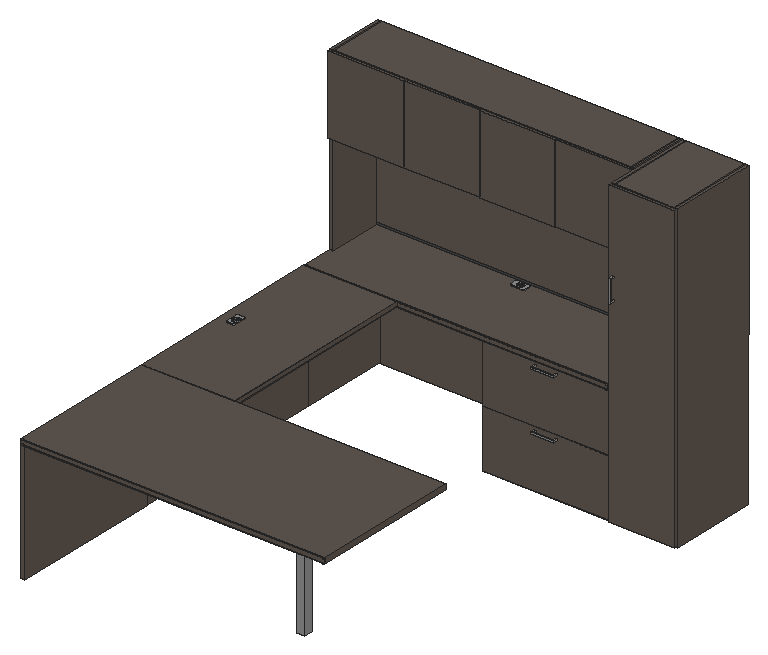
Revit family "T100055", category Generic Models, Revit 2018
Family settings
  Can host rebar = No
  Round Connector Dimension = Use Diameter
  Part Type = Normal
  Work Plane-Based = No
  Always vertical = Yes
  Cut with Voids When Loaded = No
  Shared = No
  Room Calculation Point = No
Reference planes (in)
  plane 1 "Center (Front/Back)": y = 0
  plane 2: z = 0
  plane 3 "Center (Left/Right)": x = 0
Dimensions and locks (in)
  aligned and locked: plane 2 to level
Nested families (in)
  nested 1: "FIRST OFFICE-PULSE_TOPS_RECTANGULAR_MCT" at (11, 32.30429, 0), type "PULSE_TOP_RECTANGULAR_4-7236MCT"
    with TOP D SIZE yes, THICKNESS 0' - 1.188"
  nested 2: "FIRST OFFICE-PULSE_BRIDGES_W-HINGED_MODESTY" at (-11, 69, 0) x (0, 1, 0) z (0, 0, 1), type "PULSE_BRIDGE_STRAIGHT_4-2248BR"
    with TOP D SIZE yes, THICKNESS 0' - 1.188", CENTER GROMMET yes
  nested 3: "FIRST OFFICE-PULSE_CREDENZA_LATERAL_FILE_RIGHT" at (11, 108, 0), type "PULSE_CREDENZA_LATERAL_FILE_RIGHT_4-7222CRRL"
    with TOP D SIZE yes, THICKNESS 0' - 1.188", CENTER GROMMET yes
  nested 4: "FIRST OFFICE-PULSE_MODESTY_PANELS_SILVER_FRAME_TMPG" at (1.563, 27, 0), type "PULSE-MODESTY-PANEL-SILVER-FRAME_4-1252TMPG"
  nested 5: "FIRST OFFICE-PULSE_STORAGE_HIGHBACK_ORGANZR_W-DOORS" at (11, 114.7, 0), type "PULSE-HIGHBACK-ORGANIZER_4-7243HD4-2"
  nested 6: "FIRST OFFICE-PULSE_STORAGE_WARDROBE_SINGLE_DOOR" at (55, 114.7, 0), type "PULSE-STORAGE-WARDROBE_4-7216RSW"
  nested 7: "FIRST OFFICE-PULSE_SUPPORT_BASES_CB4-L2S" at (28.063, 23.625, 0), type "IMPULSE-G2_SUPPORT_BASE_MTL_SQR_5-L2S"
  nested 8: "FIRST OFFICE-PULSE_SUPPORT_END_PANELS" at (-24.1865, 24, 0), type "PULSE_SUPPORT_END_PANEL_4-2936TEP"
  nested 9: "FIRST OFFICE-PULSE_TACKBOARDS_FOR_HIGHBACK_ORGNZRS" at (12.19453, 108.19965, 0), type "PULSE_TACKBOARD_FOR HIGHBACK_FT1087"
Definition of nested family "FIRST OFFICE-PULSE_TOPS_RECTANGULAR_MCT"
  Parameters (values of type "PULSE_TOP_RECTANGULAR_4-6630MCT")
    URL = "http://www.firstoffice.com/products/casegoods/pulse"
    TOP DEPTH = 2' - 6"
    TOP D SIZE [instance] = yes
    THICKNESS [instance] = if(TOP D SIZE, 0' 1.188", 0' 1.563")  # 0' - 1.188"
    ENVIRONMENTAL = "http://www.firstoffice.com/information/environment"
    TOP WIDTH = 5' - 6"
    TOP CORE = none
    Manufacturer = "FIRST OFFICE-PULSE"
    MODEL NUMBER = "4-6630MCT"
    MANUFACTURERS' CODE = "FOF"
    EDGE SHAPE = none
    Description = "PULSE RECTANGULAR TOP 66X30"
    CATALOG CODE = "FOF"
  Types (9): name | TOP DEPTH | TOP WIDTH | MODEL NUMBER | Description
    (no name) | 2' - 6" | 5' - 6" | "4-6630MCT" | "PULSE RECTANGULAR TOP 66X30"
    PULSE_TOP_RECTANGULAR_4-6630MCT | 2' - 6" | 5' - 6" | "4-6630MCT" | "PULSE RECTANGULAR TOP 66X30"
    PULSE_TOP_RECTANGULAR_4-7230MCT | 2' - 6" | 6' - 0" | "4-7230MCT" | "PULSE RECTANGULAR TOP 72X30"
    PULSE_TOP_RECTANGULAR_4-7830MCT | 2' - 6" | 6' - 6" | "4-7830MCT" | "PULSE RECTANGULAR TOP 78X30"
    PULSE_TOP_RECTANGULAR_4-8430MCT | 2' - 6" | 7' - 0" | "4-8430MCT" | "PULSE RECTANGULAR TOP 84X30"
    PULSE_TOP_RECTANGULAR_4-6636MCT | 3' - 0" | 5' - 6" | "4-6636MCT" | "PULSE RECTANGULAR TOP 66X36"
    PULSE_TOP_RECTANGULAR_4-7236MCT | 3' - 0" | 6' - 0" | "4-7236MCT" | "PULSE RECTANGULAR TOP 72X36"
    PULSE_TOP_RECTANGULAR_4-7836MCT | 3' - 0" | 6' - 6" | "4-7836MCT" | "PULSE RECTANGULAR TOP 78X36"
    PULSE_TOP_RECTANGULAR_4-8436MCT | 3' - 0" | 7' - 0" | "4-8436MCT" | "PULSE RECTANGULAR TOP 84X36"
  Reference planes (in)
    plane 1 "Center Front/Back": y = -2.30429
    plane 2: z = 0
    plane 3 "Center Left/Right": x = 0
    plane 4 "LEFT": x = -33
    plane 5 "RIGHT": x = 33
    plane 6 "TOP TOP": z = 30
    plane 7 "TOP BOTTOM": z = 28.812
    plane 8: y = 12.69571
    plane 9: y = -17.30429
    plane 10: y = -17.17929
  Forms (in)
    Extrusion 1, solid, material <- "TOP CORE"
      sketch origin (0, 0, 30) x (0, 1, 0) y (-1, 0, 0)
        loop
          line (12.69571, 33) -> (-17.17929, 33) -> (-17.17929, -33) -> (12.69571, -33) -> (12.69571, 33)
      from -1.188 to 0
    Extrusion 2, solid, material <- "EDGE SHAPE"
      sketch origin (0, 10.4375, 0) x (0, 1, 0) y (0, 0, 1)
        loop
          line (-27.61679, 28.812) -> (-27.61679, 30)
          arc (-27.61679, 30) -> (-27.70518, 29.96339) -> (-27.74179, 29.875) r 0.125
          line (-27.74179, 29.875) -> (-27.74179, 28.937)
          arc (-27.74179, 28.937) -> (-27.70518, 28.84861) -> (-27.61679, 28.812) r 0.125
      from -33 to 33
  Lines and regions (in)
    Masking region 1
      outline origin (0, 0, 0) x (1, 0, 0) y (0, 1, 0)
        loop
          line (-33, 12.69571) -> (-33, -17.30429) -> (33, -17.30429) -> (33, 12.69571) -> (-33, 12.69571)
  Dimensions and locks (in)
    equal spacing: plane 4 "LEFT", plane 3 "Center Left/Right", plane 5 "RIGHT"
    "TOP WIDTH": plane 4 "LEFT" to plane 5 "RIGHT"
    "TOP DEPTH": plane 9 to plane 8
    equal spacing: plane 9, plane 1 "Center Front/Back", plane 8
    "THICKNESS": plane 6 "TOP TOP" to plane 7 "TOP BOTTOM"
    locked: plane 9 to plane 10 at 0.125
    plane 7 "TOP BOTTOM" to plane 2 = 2' - 4.812"
    aligned: Extrusion 1 to plane 7 "TOP BOTTOM"
    aligned: plane 6 "TOP TOP" to Extrusion 1
    aligned and locked: Extrusion 2 to plane 4 "LEFT"
    aligned and locked: plane 5 "RIGHT" to Extrusion 2
    aligned and locked: plane 8 to Extrusion 1 sketch curve
    aligned and locked: Extrusion 2 sketch curve to plane 9
    aligned and locked: plane 10 to Extrusion 2 sketch curve
    aligned and locked: plane 10 to Extrusion 1 sketch curve
    aligned and locked: plane 6 "TOP TOP" to Extrusion 2 sketch curve
    aligned and locked: plane 7 "TOP BOTTOM" to Extrusion 2 sketch curve
    aligned and locked: Extrusion 1 to plane 7 "TOP BOTTOM"
  Automatic sketch dimensions
    Extrusion 1 sketch curve to plane 4 "LEFT" = 0' - 0"
    Extrusion 1 sketch curve to plane 5 "RIGHT" = 0' - 0"
    Masking region 1 sketch curve to plane 4 "LEFT" = 0' - 0"
    Masking region 1 sketch curve to plane 5 "RIGHT" = 0' - 0"
    plane 9 to Masking region 1 sketch curve = 0' - 0"
    plane 8 to Masking region 1 sketch curve = 0' - 0"
Definition of nested family "FIRST OFFICE-PULSE_BRIDGES_W-HINGED_MODESTY"
  Parameters (values of type "PULSE_BRIDGE_STRAIGHT_4-2248BR")
    TOP D SIZE [instance] = yes
    THICKNESS [instance] = if(TOP D SIZE, 0' 1.188", 0' 1.563")  # 0' - 1.188"
    URL = "http://www.firstoffice.com/products/casegoods/pulse"
    CENTER GROMMET [instance] = yes
    ENVIRONMENTAL = "http://www.firstoffice.com/information/environment"
    BRIDGE WIDTH = 4' - 0"
    TOP CORE = none
    Manufacturer = "FIRST OFFICE-PULSE"
    MODEL NUMBER = "4-2248BR"
    MANUFACTURERS' CODE = "FOF"
    EDGE SHAPE = none
    Description = "PULSE STRAIGHT BRIDGE 22X48"
    BACK PANEL = none
    CATALOG CODE = "FOF"
  Types (3): name | BRIDGE WIDTH | MODEL NUMBER | Description
    (no name) | 4' - 0" | "4-2248BR" | "PULSE STRAIGHT BRIDGE 22X48"
    PULSE_BRIDGE_STRAIGHT_4-2242BR | 3' - 6" | "4-2242BR" | "PULSE STRAIGHT BRIDGE 22X42"
    PULSE_BRIDGE_STRAIGHT_4-2248BR | 4' - 0" | "4-2248BR" | "PULSE STRAIGHT BRIDGE 22X48"
  Reference planes (in)
    plane 1 "Center Front/Back": y = 3
    plane 2: z = 0
    plane 3 "Center Left/Right": x = 0
    plane 4 "BRIDGE TOP": z = 30
    plane 5 "UNDERSURF": z = 28.812
    plane 6 "BACK PNL BOTTOM": z = 0.5
    plane 7 "BACK PNL TOP": z = 28.687
    plane 8: x = -24
    plane 9: x = 24
    plane 10 "FRONT": y = -8
    plane 11 "BACK": y = 14
    plane 12: y = -7.875
    plane 13: y = 13
    plane 14: z = 30.07
  Forms (in)
    Extrusion 1, solid, material <- "BACK PANEL"
      sketch origin (0, 12, 0) x (-1, 0, 0) y (0, 0, 1)
        loop
          line (-24, 28.687) -> (-24, 0.5) -> (24, 0.5) -> (24, 28.687) -> (-24, 28.687)
      from 1 to 2
    Extrusion 2, solid, material <- "TOP CORE"
      sketch origin (0, 0, 30) x (0, 1, 0) y (-1, 0, 0)
        loop
          line (14, 24) -> (-7.875, 24) -> (-7.875, -24) -> (14, -24) -> (14, 24)
      from -1.188 to 0
    Extrusion 3, solid, material <- "EDGE SHAPE"
      sketch origin (0, 6.25, 0) x (0, 1, 0) y (0, 0, 1)
        loop
          line (-14.125, 28.812) -> (-14.125, 30)
          arc (-14.125, 30) -> (-14.21339, 29.96339) -> (-14.25, 29.875) r 0.125
          line (-14.25, 29.875) -> (-14.25, 28.937)
          arc (-14.25, 28.937) -> (-14.21339, 28.84861) -> (-14.125, 28.812) r 0.125
      from -24 to 24
    Extrusion 4, solid
      sketch origin (0, 0, 28.687) x (0, 1, 0) y (-1, 0, 0)
        loop
          line (13, 24) -> (13, -24) -> (13.875, -24) -> (13.875, 24) -> (13, 24)
      from 0 to 0.125
    Extrusion 5, void
      sketch origin (0, 0, 28.812) x (0, 1, 0) y (-1, 0, 0)
        loop
          line (11.5, 0.7815) -> (10.5, 0.7815) -> (10.5, -0.7815) -> (11.5, -0.7815) -> (11.5, 0.7815)
      from 0 to 1.188
    Extrusion 6, solid, visible <- "CENTER GROMMET"
      sketch origin (0, 0, 29.972) x (0, 1, 0) y (-1, 0, 0)
        loop
          arc (12, 1.25) -> (11.87186, 1.55936) -> (11.5625, 1.6875) r 0.4375
          line (11.5625, 1.6875) -> (10.4375, 1.6875)
          arc (10.4375, 1.6875) -> (10.12814, 1.55936) -> (10, 1.25) r 0.4375
          line (10, 1.25) -> (10, 0) -> (10.62004, 0) -> (10.62004, 0.4375)
          arc (10.62004, 0.4375) -> (10.69471, 0.61779) -> (10.875, 0.69246) r 0.25496
          line (10.875, 0.69246) -> (11.125, 0.69246)
          arc (11.125, 0.69246) -> (11.30529, 0.61779) -> (11.37996, 0.4375) r 0.25496
          line (11.37996, 0.4375) -> (11.37996, 0) -> (12, 0) -> (12, 1.25)
      from 0.028 to 0.098
    Sweep 7, void
      path origin (0, 0, 30) x (0, 1, 0) y (-1, 0, 0)
        loop
          line (11.37996, 0) -> (11.37996, 0.4375)
          arc (11.37996, 0.4375) -> (11.30529, 0.61779) -> (11.125, 0.69246) r 0.25496
          line (11.125, 0.69246) -> (10.875, 0.69246)
          arc (10.875, 0.69246) -> (10.69471, 0.61779) -> (10.62004, 0.4375) r 0.25496
          line (10.62004, 0.4375) -> (10.62004, 0)
      profile origin (-0.69246, 11, 30) x (1, 0, 0) y (0, 0, 1)
        loop
          arc (-0.07, 0.07) -> (-0.0205, 0.0495) -> (0, 0) r 0.07
          line (0, 0) -> (0, 0.07) -> (-0.07, 0.07)
    Extrusion 8, solid, visible <- "CENTER GROMMET"
      sketch origin (0, 0, 29.942) x (0, 1, 0) y (-1, 0, 0)
        loop
          line (12, -1.25) -> (12, 0) -> (11.37996, 0) -> (11.37996, -0.4375)
          arc (11.37996, -0.4375) -> (11.30529, -0.61779) -> (11.125, -0.69246) r 0.25496
          line (11.125, -0.69246) -> (10.875, -0.69246)
          arc (10.875, -0.69246) -> (10.69471, -0.61779) -> (10.62004, -0.4375) r 0.25496
          line (10.62004, -0.4375) -> (10.62004, 0) -> (10, 0) -> (10, -1.25)
          arc (10, -1.25) -> (10.12814, -1.55936) -> (10.4375, -1.6875) r 0.4375
          line (10.4375, -1.6875) -> (11.5625, -1.6875)
          arc (11.5625, -1.6875) -> (11.87186, -1.55936) -> (12, -1.25) r 0.4375
      from 0.058 to 0.128
    Sweep 9, void
      path origin (0, 0, 30) x (0, 1, 0) y (1, 0, 0)
        loop
          line (11.37996, 0) -> (11.37996, 0.4375)
          arc (11.37996, 0.4375) -> (11.30529, 0.61779) -> (11.125, 0.69246) r 0.25496
          line (11.125, 0.69246) -> (10.875, 0.69246)
          arc (10.875, 0.69246) -> (10.69471, 0.61779) -> (10.62004, 0.4375) r 0.25496
          line (10.62004, 0.4375) -> (10.62004, 0)
      profile origin (0.69246, 11, 30) x (1, 0, 0) y (0, 0, 1)
        loop
          line (0.07, 0.07) -> (0, 0.07) -> (0, 0)
          arc (0, 0) -> (0.0205, 0.0495) -> (0.07, 0.07) r 0.07
  Cuts and joins
    Extrusion 5 cuts Extrusion 2
    Sweep 7, Sweep 9 cuts Extrusion 6
    Sweep 9 cuts Extrusion 8
  Lines and regions (in)
    Masking region 1
      outline origin (0, 0, 0) x (1, 0, 0) y (0, 1, 0)
        loop
          line (-24, 14) -> (-24, -8) -> (24, -8) -> (24, 14) -> (-24, 14)
    Masking region 2, visible <- "CENTER GROMMET"
      outline origin (0, 0, 30) x (0, 1, 0) y (-1, 0, 0)
        loop
          arc (12, 1.25) -> (11.87186, 1.55936) -> (11.5625, 1.6875) r 0.4375
          line (11.5625, 1.6875) -> (10.4375, 1.6875)
          arc (10.4375, 1.6875) -> (10.12814, 1.55936) -> (10, 1.25) r 0.4375
          line (10, 1.25) -> (10, 0) -> (10.62004, 0) -> (10.62004, 0.4375)
          arc (10.62004, 0.4375) -> (10.69471, 0.61779) -> (10.875, 0.69246) r 0.25496
          line (10.875, 0.69246) -> (11.125, 0.69246)
          arc (11.125, 0.69246) -> (11.30529, 0.61779) -> (11.37996, 0.4375) r 0.25496
          line (11.37996, 0.4375) -> (11.37996, 0) -> (12, 0) -> (12, 1.25)
    Masking region 3, visible <- "CENTER GROMMET"
      outline origin (0, 0, 30) x (1, 0, 0) y (0, 1, 0)
        loop
          line (1.25, 12) -> (0, 12) -> (0, 11.37996) -> (0.4375, 11.37996)
          arc (0.4375, 11.37996) -> (0.61779, 11.30529) -> (0.69246, 11.125) r 0.25496
          line (0.69246, 11.125) -> (0.69246, 10.875)
          arc (0.69246, 10.875) -> (0.61779, 10.69471) -> (0.4375, 10.62004) r 0.25496
          line (0.4375, 10.62004) -> (0, 10.62004) -> (0, 10) -> (1.25, 10)
          arc (1.25, 10) -> (1.55936, 10.12814) -> (1.6875, 10.4375) r 0.4375
          line (1.6875, 10.4375) -> (1.6875, 11.5625)
          arc (1.6875, 11.5625) -> (1.55936, 11.87186) -> (1.25, 12) r 0.4375
    Masking region 4, not visible
      outline origin (0, 0, 0) x (1, 0, 0) y (0, 1, 0)
        loop
          line (-24, 14) -> (-24, -8)
          arc (-24, -8) -> (0, -3.00481) -> (24, -8) r 60.15305
          line (24, -8) -> (24, 14) -> (-24, 14)
  Dimensions and locks (in)
    equal spacing: plane 10 "FRONT", plane 1 "Center Front/Back", plane 11 "BACK", locked at 11 each
    locked: plane 10 "FRONT" to plane 12 at 0.125
    locked: plane 11 "BACK" to plane 13 at 1
    locked: Extrusion 1 to Extrusion 4 sketch curve at 0.875
    "BRIDGE WIDTH": plane 8 to plane 9
    equal spacing: plane 8, plane 3 "Center Left/Right", plane 9
    "THICKNESS": plane 4 "BRIDGE TOP" to plane 5 "UNDERSURF"
    plane 5 "UNDERSURF" to plane 7 "BACK PNL TOP" to plane 6 "BACK PNL BOTTOM" to plane 2 = 0' - 0 1/8" locked, 2' - 4.187" locked, 0' - 0 1/2" locked
    locked: plane 14 to plane 4 "BRIDGE TOP" at 0.07
    aligned and locked: Extrusion 2 to plane 5 "UNDERSURF"
    aligned and locked: plane 4 "BRIDGE TOP" to Extrusion 2
    aligned and locked: plane 12 to Extrusion 2 sketch curve
    aligned and locked: Extrusion 2 sketch curve to plane 9
    aligned and locked: Extrusion 2 sketch curve to plane 8
    aligned and locked: plane 12 to Extrusion 3 sketch curve
    aligned and locked: Extrusion 3 sketch curve to plane 10 "FRONT"
    aligned and locked: Extrusion 3 to plane 8
    aligned and locked: Extrusion 3 to plane 9
    aligned and locked: plane 7 "BACK PNL TOP" to Extrusion 1 sketch curve
    aligned and locked: Extrusion 1 sketch curve to plane 8
    aligned and locked: Extrusion 1 sketch curve to plane 9
    aligned and locked: plane 11 "BACK" to Extrusion 1
    aligned and locked: Extrusion 1 to plane 13
    aligned and locked: Extrusion 4 sketch curve to plane 8
    aligned and locked: Extrusion 4 sketch curve to plane 9
    aligned and locked: Extrusion 4 sketch curve to plane 13
    aligned and locked: Extrusion 6 to Sweep 7
    aligned and locked: Extrusion 8 to Sweep 7
    aligned and locked: cut or joined group of Extrusion 6, Sweep 7, Sweep 9 to plane 4 "BRIDGE TOP"
    aligned and locked: Extrusion 8 to plane 4 "BRIDGE TOP"
    aligned and locked: plane 14 to cut or joined group of Extrusion 6, Sweep 7, Sweep 9
  Automatic sketch dimensions
    Extrusion 1 sketch curve to plane 6 "BACK PNL BOTTOM" = 0' - 0"
    Extrusion 2 sketch curve to plane 11 "BACK" = 0' - 0"
    Extrusion 3 sketch curve to plane 5 "UNDERSURF" = 0' - 0"
    Extrusion 3 sketch curve to plane 4 "BRIDGE TOP" = 0' - 0"
    Extrusion 5 sketch curve to plane 3 "Center Left/Right" = 0' - 0.7815"
    Extrusion 5 sketch curve to plane 13 = 0' - 2 1/2"
    Extrusion 5 sketch curve to Extrusion 5 sketch curve = 0' - 1"
    plane 3 "Center Left/Right" to Extrusion 5 sketch curve = 0' - 0.7815"
    Extrusion 6 sketch curve to plane 3 "Center Left/Right" = 0' - 1 1/4"
    Extrusion 6 sketch curve to plane 13 = 0' - 3"
    Extrusion 6 sketch curve to Extrusion 6 sketch curve = 0' - 0 7/16"  (x2)
    Extrusion 6 sketch curve to Extrusion 6 sketch curve = 0' - 0.62004"  (x2)
    Extrusion 6 sketch curve to Extrusion 6 sketch curve = 0' - 0.25496"  (x2)
    Extrusion 6 sketch curve to Extrusion 6 sketch curve = 0' - 0 1/4"
    Extrusion 6 sketch curve to plane 3 "Center Left/Right" = 0' - 0"  (x2)
    Extrusion 6 sketch curve to plane 3 "Center Left/Right" = 0' - 0 7/16"
    Sweep 7 sketch curve to plane 3 "Center Left/Right" = 0' - 0 7/16"
    Sweep 7 sketch curve to plane 13 = 0' - 2.37996"
    Sweep 7 sketch curve to Sweep 7 sketch curve = 0' - 0.25496"  (x2)
    Sweep 7 sketch curve to Sweep 7 sketch curve = 0' - 0 1/4"
    Sweep 7 sketch curve to plane 3 "Center Left/Right" = 0' - 0"  (x2)
    profile plane to Sweep 7 sketch curve = 0' - 0"
    profile plane to Sweep 7 sketch curve = 0' - 0.07"
    plane 4 "BRIDGE TOP" to Sweep 7 sketch curve = 0' - 0"
    plane 3 "Center Left/Right" to Extrusion 8 sketch curve = 0' - 1 1/4"
    Extrusion 8 sketch curve to plane 13 = 0' - 3"
    Extrusion 8 sketch curve to Extrusion 8 sketch curve = 0' - 0 7/16"  (x2)
    Extrusion 8 sketch curve to Extrusion 8 sketch curve = 0' - 0.62004"  (x2)
    Extrusion 8 sketch curve to Extrusion 8 sketch curve = 0' - 0.25496"  (x2)
    Extrusion 8 sketch curve to Extrusion 8 sketch curve = 0' - 0 1/4"
    plane 3 "Center Left/Right" to Extrusion 8 sketch curve = 0' - 0"  (x2)
    plane 3 "Center Left/Right" to Extrusion 8 sketch curve = 0' - 0.69246"
    Sweep 9 sketch curve to plane 3 "Center Left/Right" = 0' - 0 7/16"
    plane 13 to Sweep 9 sketch curve = 0' - 2.37996"
    Sweep 9 sketch curve to Sweep 9 sketch curve = 0' - 0.25496"  (x2)
    Sweep 9 sketch curve to Sweep 9 sketch curve = 0' - 0 1/4"
    Sweep 9 sketch curve to plane 3 "Center Left/Right" = 0' - 0"  (x2)
    profile plane to Sweep 9 sketch curve = 0' - 0"
    plane 4 "BRIDGE TOP" to Sweep 9 sketch curve = 0' - 0"
    Sweep 9 sketch curve to Sweep 9 sketch curve = 0' - 0.07"
    Masking region 2 sketch curve to plane 13 = 0' - 3"
    Masking region 2 sketch curve to Masking region 2 sketch curve = 0' - 0 7/16"  (x2)
    Masking region 2 sketch curve to plane 3 "Center Left/Right" = 0' - 0"  (x2)
    Masking region 2 sketch curve to Masking region 2 sketch curve = 0' - 0.62004"  (x2)
    Masking region 2 sketch curve to Masking region 2 sketch curve = 0' - 0.25496"  (x2)
    Masking region 2 sketch curve to Masking region 2 sketch curve = 0' - 0 1/4"
    Masking region 2 sketch curve to plane 3 "Center Left/Right" = 0' - 0 7/16"
    Masking region 2 sketch curve to Masking region 2 sketch curve = 0' - 0 13/16"
    plane 3 "Center Left/Right" to Masking region 3 sketch curve = 0' - 0"  (x2)
    plane 3 "Center Left/Right" to Masking region 3 sketch curve = 0' - 0 7/16"
    Masking region 3 sketch curve to Masking region 3 sketch curve = 0' - 0"
    Masking region 3 sketch curve to Masking region 3 sketch curve = 0' - 0.25496"
    Masking region 3 sketch curve to Masking region 3 sketch curve = 0' - 0 13/16"
    Masking region 3 sketch curve to Masking region 3 sketch curve = 0' - 0.55754"
    Masking region 3 sketch curve to Masking region 3 sketch curve = 0' - 0 7/16"  (x2)
    Masking region 3 sketch curve to plane 13 = 0' - 3"
    Masking region 3 sketch curve to Masking region 3 sketch curve = 0' - 0.62004"
    Masking region 3 sketch curve to Masking region 3 sketch curve = 0' - 0 1/4"
    Masking region 1 sketch curve to plane 8 = 0' - 0"
    Masking region 1 sketch curve to plane 9 = 0' - 0"
    plane 10 "FRONT" to Masking region 1 sketch curve = 0' - 0"
    Masking region 1 sketch curve to plane 11 "BACK" = 0' - 0"
    Masking region 4 sketch curve to plane 8 = 0' - 0"
    Masking region 4 sketch curve to plane 3 "Center Left/Right" = 0' - 0"
    Masking region 4 sketch curve to plane 9 = 0' - 0"
    plane 10 "FRONT" to Masking region 4 sketch curve = 0' - 0"
    Masking region 4 sketch curve to plane 11 "BACK" = 0' - 0"
    plane 10 "FRONT" to Masking region 4 sketch curve = 4' - 7.15786"
Definition of nested family "FIRST OFFICE-PULSE_CREDENZA_LATERAL_FILE_RIGHT"
  Parameters (values of type "PULSE_CREDENZA_LATERAL_FILE_RIGHT_4-7222CRRL")
    URL = "http://www.firstoffice.com/products/casegoods/pulse"
    TOP D SIZE [instance] = yes
    THICKNESS [instance] = if(TOP D SIZE, 0' 1.188", 0' 1.563")  # 0' - 1.188"
    DRAWER FRONT = none
    ENVIRONMENTAL = "http://www.firstoffice.com/information/environment"
    TOP CORE = none
    Manufacturer = "FIRST OFFICE-PULSE"
    MODEL NUMBER = "4-7222CRRL"
    MANUFACTURERS' CODE = "FOF"
    EDGE SHAPE = none
    Description = "PULSE CREDENZA LATERAL FILE RIGHT 72X22"
    CHASSIS = none
    CENTER GROMMET [instance] = yes
    CATALOG CODE = "FOF"
  Reference planes (in)
    plane 1 "Center Front/Back": y = -4
    plane 2: z = 0
    plane 3 "Center Left/Right": x = 0
    plane 4 "LEFT": x = -36
    plane 5 "RIGHT": x = 36
    plane 6 "DESK TOP": z = 30
    plane 7 "BASE HEIGHT": z = 28.812
    plane 8 "FRONT": y = -15
    plane 9 "PEDESTAL BOTTOM": z = 0.5
    plane 10 "PEDESTAL TOP": z = 28.687
    plane 11: z = 1.063
    plane 12 "PEDESTAL FRONT": y = -14
    plane 13 "DRAWER FRONT": y = -14.75
    plane 14: z = 14.813
    plane 15: z = 14.938
    plane 16: x = 35.937
    plane 17: x = 6.063
    plane 18: x = 6
    plane 19: x = -35
    plane 20: x = 34.937
    plane 21: x = 6.75
    plane 22: z = 1.25
    plane 23 "MODESTY PANEL": y = 7
    plane 24: y = 5.95
    plane 25: y = 6.7
    plane 26: z = 30.07
  Forms (in)
    Extrusion 1, solid, material <- "DRAWER FRONT"
      sketch origin (0, -14.75, 0) x (-1, 0, 0) y (0, 0, -1)
        loop
          line (-35.937, -14.813) -> (-6.063, -14.813) -> (-6.063, -1.063) -> (-35.937, -1.063) -> (-35.937, -14.813)
      from -0.75 to 0
    Extrusion 2, solid, material <- "DRAWER FRONT"
      sketch origin (0, -14.75, 0) x (-1, 0, 0) y (0, 0, -1)
        loop
          line (-35.937, -28.687) -> (-6.063, -28.687) -> (-6.063, -14.938) -> (-35.937, -14.938) -> (-35.937, -28.687)
      from -0.75 to 0
    Extrusion 3, solid, material <- "CHASSIS"
      sketch origin (-36, 0, 0) x (0, 1, 0) y (0, 0, 1)
        loop
          line (-15, 28.687) -> (-15, 0.499) -> (7, 0.499) -> (7, 28.687) -> (-15, 28.687)
      from 0 to 1.063
    Extrusion 4, solid, material <- "CHASSIS"
      sketch origin (36, 0, 0) x (0, 1, 0) y (0, 0, -1)
        loop
          line (-14, -28.687) -> (7, -28.687) -> (7, -0.499) -> (-14, -0.499) -> (-14, -28.687)
      from 0 to 1.063
    Extrusion 5, solid, material <- "CHASSIS"
      sketch origin (18, 0, 0) x (0, 1, 0) y (0, 0, -1)
        loop
          line (-14, -28.812) -> (5.95, -28.812) -> (5.95, -0.5) -> (-14, -0.5) -> (-14, -28.812)
      from 11.25 to 12
    Extrusion 6, solid, material <- "CHASSIS"
      sketch origin (0, 7, 0) x (-1, 0, 0) y (0, 0, 1)
        loop
          line (-34.937, 28.812) -> (-34.937, 0.499) -> (35, 0.499) -> (35, 28.812) -> (-34.937, 28.812)
      from -1.05 to -0.3
    Extrusion 7, solid, material <- "CHASSIS"
      sketch origin (0, 0, 0.5) x (0, 1, 0) y (-1, 0, 0)
        loop
          line (5.95, -6.75) -> (-14, -6.75) -> (-14, -34.937) -> (5.95, -34.937) -> (5.95, -6.75)
      from 0 to 0.75
    Extrusion 8, solid, material <- "TOP CORE"
      sketch origin (0, 0, 30) x (0, 1, 0) y (-1, 0, 0)
        loop
          line (7, 36) -> (-14.875, 36) -> (-14.875, -36) -> (7, -36) -> (7, 36)
      from -1.188 to 0
    Extrusion 9, solid, material <- "EDGE SHAPE"
      sketch origin (0, 0, 0) x (0, 1, 0) y (0, 0, 1)
        loop
          line (-14.875, 28.812) -> (-14.875, 30)
          arc (-14.875, 30) -> (-14.96339, 29.96339) -> (-15, 29.875) r 0.125
          line (-15, 29.875) -> (-15, 28.937)
          arc (-15, 28.937) -> (-14.96339, 28.84861) -> (-14.875, 28.812) r 0.125
      from -36 to 36
    Extrusion 10, solid
      sketch origin (11.97711, -15.37535, 22.938) x (-1, 0, 0) y (0, -1, 0)
        loop
          line (-11.74164, -0.62535) -> (-11.36664, -0.62535) -> (-11.36664, 0.18715) -> (-6.67914, 0.18715) -> (-6.67914, -0.62535) -> (-6.30414, -0.62535) -> (-6.30414, 0.37465) -> (-11.74164, 0.37465) -> (-11.74164, -0.62535)
      from 4.53125 to 5
    Extrusion 11, solid
      sketch origin (11.97711, -15.37535, 9.063) x (-1, 0, 0) y (0, -1, 0)
        loop
          line (-11.74164, -0.62535) -> (-11.36664, -0.62535) -> (-11.36664, 0.18715) -> (-6.67914, 0.18715) -> (-6.67914, -0.62535) -> (-6.30414, -0.62535) -> (-6.30414, 0.37465) -> (-11.74164, 0.37465) -> (-11.74164, -0.62535)
      from 4.53125 to 5
    Extrusion 12, solid
      sketch origin (0, 0, 28.687) x (0, 1, 0) y (-1, 0, 0)
        loop
          line (6.875, 35) -> (6.875, 35.875) -> (-14.875, 35.875) -> (-14.875, 35) -> (6.875, 35)
      from 0 to 0.125
    Extrusion 13, solid
      sketch origin (0, 0, 28.687) x (0, 1, 0) y (-1, 0, 0)
        loop
          line (6.875, -34.937) -> (-14, -34.937) -> (-14, -35.875) -> (6.875, -35.875) -> (6.875, -34.937)
      from 0 to 0.125
    Extrusion 14, solid, visible <- "CENTER GROMMET"
      sketch origin (0, -7, 29.972) x (0, 1, 0) y (-1, 0, 0)
        loop
          arc (12, 1.25) -> (11.87186, 1.55936) -> (11.5625, 1.6875) r 0.4375
          line (11.5625, 1.6875) -> (10.4375, 1.6875)
          arc (10.4375, 1.6875) -> (10.12814, 1.55936) -> (10, 1.25) r 0.4375
          line (10, 1.25) -> (10, 0) -> (10.62004, 0) -> (10.62004, 0.4375)
          arc (10.62004, 0.4375) -> (10.69471, 0.61779) -> (10.875, 0.69246) r 0.25496
          line (10.875, 0.69246) -> (11.125, 0.69246)
          arc (11.125, 0.69246) -> (11.30529, 0.61779) -> (11.37996, 0.4375) r 0.25496
          line (11.37996, 0.4375) -> (11.37996, 0) -> (12, 0) -> (12, 1.25)
      from 0.028 to 0.098
    Sweep 15, void
      path origin (0, -7, 30) x (0, 1, 0) y (-1, 0, 0)
        loop
          line (11.37996, 0) -> (11.37996, 0.4375)
          arc (11.37996, 0.4375) -> (11.30529, 0.61779) -> (11.125, 0.69246) r 0.25496
          line (11.125, 0.69246) -> (10.875, 0.69246)
          arc (10.875, 0.69246) -> (10.69471, 0.61779) -> (10.62004, 0.4375) r 0.25496
          line (10.62004, 0.4375) -> (10.62004, 0)
      profile origin (-0.69246, 4, 30) x (1, 0, 0) y (0, 0, 1)
        loop
          arc (-0.07, 0.07) -> (-0.0205, 0.0495) -> (0, 0) r 0.07
          line (0, 0) -> (0, 0.07) -> (-0.07, 0.07)
    Extrusion 16, solid, visible <- "CENTER GROMMET"
      sketch origin (0, -7, 29.942) x (0, 1, 0) y (-1, 0, 0)
        loop
          line (12, -1.25) -> (12, 0) -> (11.37996, 0) -> (11.37996, -0.4375)
          arc (11.37996, -0.4375) -> (11.30529, -0.61779) -> (11.125, -0.69246) r 0.25496
          line (11.125, -0.69246) -> (10.875, -0.69246)
          arc (10.875, -0.69246) -> (10.69471, -0.61779) -> (10.62004, -0.4375) r 0.25496
          line (10.62004, -0.4375) -> (10.62004, 0) -> (10, 0) -> (10, -1.25)
          arc (10, -1.25) -> (10.12814, -1.55936) -> (10.4375, -1.6875) r 0.4375
          line (10.4375, -1.6875) -> (11.5625, -1.6875)
          arc (11.5625, -1.6875) -> (11.87186, -1.55936) -> (12, -1.25) r 0.4375
      from 0.058 to 0.128
    Sweep 17, void
      path origin (0, -7, 30) x (0, 1, 0) y (1, 0, 0)
        loop
          line (11.37996, 0) -> (11.37996, 0.4375)
          arc (11.37996, 0.4375) -> (11.30529, 0.61779) -> (11.125, 0.69246) r 0.25496
          line (11.125, 0.69246) -> (10.875, 0.69246)
          arc (10.875, 0.69246) -> (10.69471, 0.61779) -> (10.62004, 0.4375) r 0.25496
          line (10.62004, 0.4375) -> (10.62004, 0)
      profile origin (0.69247, 4, 30) x (1, 0, 0) y (0, 0, 1)
        loop
          line (0.07, 0.07) -> (0, 0.07) -> (0, 0)
          arc (0, 0) -> (0.0205, 0.0495) -> (0.07, 0.07) r 0.07
    Extrusion 18, void
      sketch origin (0, 0, 30) x (0, 1, 0) y (-1, 0, 0)
        loop
          line (3.5, 0.75) -> (3.5, -0.75) -> (4.5, -0.75) -> (4.5, 0.75) -> (3.5, 0.75)
      from -1.188 to 0
  Cuts and joins
    Sweep 15, Extrusion 18 cuts Extrusion 14
    Sweep 15, Sweep 17, Extrusion 18 cuts Extrusion 16
    Extrusion 18 cuts Extrusion 8
  Lines and regions (in)
    Masking region 1
      outline origin (0, 0, 0) x (1, 0, 0) y (0, 1, 0)
        loop
          line (-36, 7) -> (-36, -15) -> (36, -15) -> (36, 7) -> (-36, 7)
    Masking region 2
      outline origin (-7.062, 0, 0) x (0, 1, 0) y (-1, 0, 0)
        loop
          line (-15, -30.78075) -> (-15, -30.40575) -> (-15.5625, -30.40575) -> (-15.5625, -25.71825) -> (-15, -25.71825) -> (-15, -25.34325) -> (-15.75, -25.34325) -> (-15.75, -30.78075) -> (-15, -30.78075)
    Masking region 3, visible <- "CENTER GROMMET"
      outline origin (0, -7, 30) x (0, 1, 0) y (-1, 0, 0)
        loop
          arc (12, 1.25) -> (11.87186, 1.55936) -> (11.5625, 1.6875) r 0.4375
          line (11.5625, 1.6875) -> (10.4375, 1.6875)
          arc (10.4375, 1.6875) -> (10.12814, 1.55936) -> (10, 1.25) r 0.4375
          line (10, 1.25) -> (10, 0) -> (10.62004, 0) -> (10.62004, 0.4375)
          arc (10.62004, 0.4375) -> (10.69471, 0.61779) -> (10.875, 0.69246) r 0.25496
          line (10.875, 0.69246) -> (11.125, 0.69246)
          arc (11.125, 0.69246) -> (11.30529, 0.61779) -> (11.37996, 0.4375) r 0.25496
          line (11.37996, 0.4375) -> (11.37996, 0) -> (12, 0) -> (12, 1.25)
    Masking region 4, visible <- "CENTER GROMMET"
      outline origin (0, -7, 30) x (1, 0, 0) y (0, 1, 0)
        loop
          line (1.25, 12) -> (0, 12) -> (0, 11.37996) -> (0.4375, 11.37996)
          arc (0.4375, 11.37996) -> (0.61779, 11.30529) -> (0.69246, 11.125) r 0.25496
          line (0.69246, 11.125) -> (0.69246, 10.875)
          arc (0.69246, 10.875) -> (0.61779, 10.69471) -> (0.4375, 10.62004) r 0.25496
          line (0.4375, 10.62004) -> (0, 10.62004) -> (0, 10) -> (1.25, 10)
          arc (1.25, 10) -> (1.55936, 10.12814) -> (1.6875, 10.4375) r 0.4375
          line (1.6875, 10.4375) -> (1.6875, 11.5625)
          arc (1.6875, 11.5625) -> (1.55936, 11.87186) -> (1.25, 12) r 0.4375
  Dimensions and locks (in)
    equal spacing: plane 4 "LEFT", plane 3 "Center Left/Right", plane 5 "RIGHT"
    locked: plane 4 "LEFT" to plane 5 "RIGHT" at 72
    plane 15 to plane 14 to plane 11 = 0' - 0 1/8" locked, 1' - 1 3/4" locked
    plane 22 to plane 11 to plane 9 "PEDESTAL BOTTOM" = 0' - 0.187" locked, 0' - 0.563" locked
    locked: Extrusion 4 to Extrusion 3 sketch curve at 28.188
    locked: Extrusion 6 sketch curve to Extrusion 8 at 28.313
    plane 14 to Extrusion 11 to Extrusion 11 = 0' - 0 3/4" locked, 0' - 0 15/32" locked
    plane 23 "MODESTY PANEL" to plane 25 to plane 24 = 0' - 0.3" locked, 0' - 0 3/4" locked
    locked: plane 8 "FRONT" to plane 23 "MODESTY PANEL" at 22
    equal spacing: plane 23 "MODESTY PANEL", plane 1 "Center Front/Back", plane 8 "FRONT"
    locked: plane 4 "LEFT" to plane 19 at 1
    plane 18 to plane 17 to plane 21 to plane 20 to plane 16 to plane 5 "RIGHT" = 0' - 0.063" locked, 0' - 0.687" locked, 2' - 4.187" locked, 0' - 1" locked, 0' - 0.063" locked
    plane 7 "BASE HEIGHT" to plane 10 "PEDESTAL TOP" to plane 2 = 0' - 0 1/8" locked, 2' - 4.687" locked
    locked: plane 26 to plane 6 "DESK TOP" at 0.07
    "THICKNESS": plane 6 "DESK TOP" to plane 7 "BASE HEIGHT"
    aligned and locked: plane 10 "PEDESTAL TOP" to Extrusion 3 sketch curve
    aligned: plane 12 "PEDESTAL FRONT" to Extrusion 3 sketch curve
    aligned: Extrusion 3 to plane 4 "LEFT"
    aligned: plane 19 to Extrusion 3
    aligned and locked: plane 5 "RIGHT" to Extrusion 4
    aligned and locked: plane 20 to Extrusion 4
    aligned and locked: Extrusion 5 to plane 21
    aligned and locked: plane 18 to Extrusion 5
    aligned and locked: plane 7 "BASE HEIGHT" to Extrusion 5
    aligned: Extrusion 4 to plane 9 "PEDESTAL BOTTOM"
    aligned and locked: Extrusion 5 to plane 9 "PEDESTAL BOTTOM"
    aligned and locked: plane 7 "BASE HEIGHT" to Extrusion 6 sketch curve
    aligned and locked: Extrusion 6 sketch curve to plane 20
    aligned and locked: Extrusion 6 sketch curve to plane 19
    aligned: Extrusion 6 to plane 24
    aligned: plane 23 "MODESTY PANEL" to Extrusion 6
    aligned and locked: plane 24 to Extrusion 5
    aligned and locked: Extrusion 7 to plane 9 "PEDESTAL BOTTOM"
    aligned and locked: plane 22 to Extrusion 7
    aligned and locked: Extrusion 7 sketch curve to plane 24
    aligned and locked: Extrusion 7 sketch curve to plane 21
    aligned and locked: plane 20 to Extrusion 7 sketch curve
    aligned and locked: Extrusion 7 sketch curve to plane 12 "PEDESTAL FRONT"
    aligned and locked: Extrusion 8 to plane 7 "BASE HEIGHT"
    aligned and locked: plane 6 "DESK TOP" to Extrusion 8
    aligned and locked: Extrusion 9 sketch curve to plane 8 "FRONT"
    aligned and locked: Extrusion 9 to plane 4 "LEFT"
    aligned and locked: plane 5 "RIGHT" to Extrusion 9
    aligned and locked: plane 15 to Extrusion 2 sketch curve
    aligned and locked: Extrusion 12 to plane 10 "PEDESTAL TOP"
    aligned and locked: plane 7 "BASE HEIGHT" to Extrusion 12
    aligned and locked: level to plane 2
    aligned and locked: Extrusion 6 to Extrusion 4
    aligned and locked: Masking region 1 sketch curve to plane 23 "MODESTY PANEL"
    aligned: plane 23 "MODESTY PANEL" to Extrusion 3
    aligned and locked: Extrusion 8 sketch curve to Masking region 1
    aligned and locked: plane 23 "MODESTY PANEL" to Extrusion 4
    aligned and locked: plane 25 to Extrusion 6
    aligned and locked: Extrusion 6 to plane 24
    aligned: Extrusion 14 to Sweep 15
    aligned: Extrusion 16 to Sweep 15
    aligned and locked: plane 6 "DESK TOP" to cut or joined group of Extrusion 8, Extrusion 18
    aligned and locked: cut or joined group of Extrusion 8, Extrusion 18 to plane 7 "BASE HEIGHT"
    aligned and locked: plane 26 to cut or joined group of Extrusion 14, Sweep 15, Extrusion 18
    aligned and locked: cut or joined group of Extrusion 14, Sweep 15, Extrusion 18 to plane 6 "DESK TOP"
    aligned and locked: cut or joined group of Sweep 15, Extrusion 16, Sweep 17, Extrusion 18 to plane 6 "DESK TOP"
    aligned and locked: Sweep 15 sketch curve to plane 26
    aligned and locked: plane 6 "DESK TOP" to Sweep 15 sketch curve
    aligned and locked: plane 26 to Sweep 17 sketch curve
    aligned and locked: plane 6 "DESK TOP" to Sweep 17 sketch curve
    aligned and locked: plane 26 to cut or joined group of Sweep 15, Extrusion 16, Sweep 17, Extrusion 18
  Automatic sketch dimensions
    Extrusion 1 sketch curve to plane 14 = 0' - 0"
    Extrusion 1 sketch curve to plane 16 = 0' - 0"
    Extrusion 1 sketch curve to plane 11 = 0' - 0"
    plane 17 to Extrusion 1 sketch curve = 0' - 0"
    Extrusion 2 sketch curve to plane 16 = 0' - 0"
    Extrusion 2 sketch curve to plane 10 "PEDESTAL TOP" = 0' - 0"
    plane 17 to Extrusion 2 sketch curve = 0' - 0"
    Extrusion 3 sketch curve to plane 23 "MODESTY PANEL" = 0' - 0"
    Extrusion 4 sketch curve to plane 10 "PEDESTAL TOP" = 0' - 0"
    Extrusion 4 sketch curve to plane 12 "PEDESTAL FRONT" = 0' - 0"
    Extrusion 4 sketch curve to plane 23 "MODESTY PANEL" = 0' - 0"
    level to Extrusion 4 sketch curve = 0' - 0.499"
    Extrusion 5 sketch curve to plane 7 "BASE HEIGHT" = 0' - 0"
    Extrusion 5 sketch curve to plane 12 "PEDESTAL FRONT" = 0' - 0"
    Extrusion 5 sketch curve to plane 9 "PEDESTAL BOTTOM" = 0' - 0"
    Extrusion 5 sketch curve to plane 24 = 0' - 0"
    Extrusion 8 sketch curve to plane 4 "LEFT" = 0' - 0"
    Extrusion 8 sketch curve to plane 5 "RIGHT" = 0' - 0"
    Extrusion 8 sketch curve to plane 8 "FRONT" = 0' - 0 1/8"
    Extrusion 9 sketch curve to plane 6 "DESK TOP" = 0' - 0"
    Extrusion 9 sketch curve to plane 7 "BASE HEIGHT" = 0' - 0"
    Extrusion 9 sketch curve to plane 8 "FRONT" = 0' - 0 1/8"
    plane 13 "DRAWER FRONT" to Extrusion 10 sketch curve = 0' - 0"  (x2)
    plane 20 to Extrusion 10 sketch curve = 0' - 11.21825"
    Extrusion 10 sketch curve to Extrusion 10 sketch curve = 0' - 0 3/8"  (x2)
    plane 8 "FRONT" to Extrusion 10 sketch curve = 0' - 0 9/16"
    Extrusion 10 sketch curve to Extrusion 10 sketch curve = 0' - 4 11/16"
    Extrusion 10 sketch curve to Extrusion 10 sketch curve = 0' - 0 3/16"
    plane 13 "DRAWER FRONT" to Extrusion 11 sketch curve = 0' - 0"  (x2)
    plane 20 to Extrusion 11 sketch curve = 0' - 11.21825"
    Extrusion 11 sketch curve to Extrusion 11 sketch curve = 0' - 0 3/8"  (x2)
    plane 8 "FRONT" to Extrusion 11 sketch curve = 0' - 0 9/16"
    Extrusion 11 sketch curve to Extrusion 11 sketch curve = 0' - 4 11/16"
    Extrusion 11 sketch curve to Extrusion 11 sketch curve = 0' - 0 3/16"
    Masking region 1 sketch curve to plane 4 "LEFT" = 0' - 0"
    Masking region 1 sketch curve to plane 5 "RIGHT" = 0' - 0"
    plane 8 "FRONT" to Masking region 1 sketch curve = 0' - 0"
    plane 8 "FRONT" to Masking region 2 sketch curve = 0' - 0"  (x2)
    Masking region 2 sketch curve to Masking region 2 sketch curve = 0' - 0 9/16"
    Masking region 2 sketch curve to Masking region 2 sketch curve = 0' - 0 3/16"
    plane 20 to Masking region 2 sketch curve = 0' - 11.21825"
    Masking region 2 sketch curve to Masking region 2 sketch curve = 0' - 0 3/8"  (x2)
    Masking region 2 sketch curve to Masking region 2 sketch curve = 0' - 4 11/16"
    plane 12 "PEDESTAL FRONT" to Extrusion 12 sketch curve = 0' - 0 7/8"
    Extrusion 12 sketch curve to plane 19 = 0' - 0"
    Extrusion 12 sketch curve to plane 23 "MODESTY PANEL" = 0' - 0 1/8"
    plane 12 "PEDESTAL FRONT" to Extrusion 13 sketch curve = 0' - 0"
    Extrusion 13 sketch curve to plane 20 = 0' - 0"
    plane 16 to Extrusion 13 sketch curve = 0' - 0.062"
    plane 23 "MODESTY PANEL" to Extrusion 13 sketch curve = 0' - 0 1/8"
    Extrusion 14 sketch curve to plane 3 "Center Left/Right" = 0' - 1 1/4"
    Extrusion 14 sketch curve to plane 1 "Center Front/Back" = 0' - 7"
    Extrusion 14 sketch curve to Extrusion 14 sketch curve = 0' - 0 7/16"  (x3)
    Extrusion 14 sketch curve to Extrusion 14 sketch curve = 0' - 0.62004"  (x2)
    Extrusion 14 sketch curve to Extrusion 14 sketch curve = 0' - 0.25496"  (x2)
    Extrusion 14 sketch curve to Extrusion 14 sketch curve = 0' - 0 1/4"
    Extrusion 14 sketch curve to plane 3 "Center Left/Right" = 0' - 0"  (x2)
    Sweep 15 sketch curve to plane 3 "Center Left/Right" = 0' - 0 7/16"
    Sweep 15 sketch curve to plane 1 "Center Front/Back" = 0' - 7.62004"
    Sweep 15 sketch curve to Sweep 15 sketch curve = 0' - 0.25496"  (x2)
    Sweep 15 sketch curve to Sweep 15 sketch curve = 0' - 0 1/4"
    Sweep 15 sketch curve to plane 3 "Center Left/Right" = 0' - 0"  (x2)
    profile plane to Sweep 15 sketch curve = 0' - 0"
    plane 3 "Center Left/Right" to Extrusion 16 sketch curve = 0' - 1 1/4"
    Extrusion 16 sketch curve to plane 1 "Center Front/Back" = 0' - 7"
    Extrusion 16 sketch curve to Extrusion 16 sketch curve = 0' - 0 7/16"  (x2)
    plane 3 "Center Left/Right" to Extrusion 16 sketch curve = 0' - 0 7/16"
    Extrusion 16 sketch curve to Extrusion 16 sketch curve = 0' - 0.62004"  (x2)
    Extrusion 16 sketch curve to Extrusion 16 sketch curve = 0' - 0.25496"  (x2)
    Extrusion 16 sketch curve to Extrusion 16 sketch curve = 0' - 0 1/4"
    plane 3 "Center Left/Right" to Extrusion 16 sketch curve = 0' - 0"  (x2)
    Sweep 17 sketch curve to plane 3 "Center Left/Right" = 0' - 0 7/16"
    plane 1 "Center Front/Back" to Sweep 17 sketch curve = 0' - 7.62004"
    Sweep 17 sketch curve to Sweep 17 sketch curve = 0' - 0.25496"  (x2)
    Sweep 17 sketch curve to Sweep 17 sketch curve = 0' - 0 1/4"
    Sweep 17 sketch curve to plane 3 "Center Left/Right" = 0' - 0"  (x2)
    profile plane to Sweep 17 sketch curve = 0' - 0"
    Masking region 3 sketch curve to plane 1 "Center Front/Back" = 0' - 7"
    Masking region 3 sketch curve to Masking region 3 sketch curve = 0' - 0 7/16"  (x3)
    Masking region 3 sketch curve to plane 3 "Center Left/Right" = 0' - 0"  (x2)
    Masking region 3 sketch curve to Masking region 3 sketch curve = 0' - 0.62004"  (x2)
    Masking region 3 sketch curve to Masking region 3 sketch curve = 0' - 0.25496"  (x2)
    Masking region 3 sketch curve to Masking region 3 sketch curve = 0' - 0 1/4"
    Masking region 3 sketch curve to Masking region 3 sketch curve = 0' - 0 13/16"
    plane 3 "Center Left/Right" to Masking region 4 sketch curve = 0' - 0"  (x2)
    plane 3 "Center Left/Right" to Masking region 4 sketch curve = 0' - 0 7/16"
    Masking region 4 sketch curve to Masking region 4 sketch curve = 0' - 0"
    Masking region 4 sketch curve to Masking region 4 sketch curve = 0' - 0.25496"
    Masking region 4 sketch curve to Masking region 4 sketch curve = 0' - 0 13/16"
    Masking region 4 sketch curve to Masking region 4 sketch curve = 0' - 0.55754"
    Masking region 4 sketch curve to Masking region 4 sketch curve = 0' - 0 7/16"  (x2)
    Masking region 4 sketch curve to plane 1 "Center Front/Back" = 0' - 7"
    Masking region 4 sketch curve to Masking region 4 sketch curve = 0' - 0.62004"
    Masking region 4 sketch curve to Masking region 4 sketch curve = 0' - 0 1/4"
    Extrusion 18 sketch curve to plane 24 = 0' - 2.45"
    Extrusion 18 sketch curve to Extrusion 18 sketch curve = 0' - 1"
    Extrusion 18 sketch curve to plane 3 "Center Left/Right" = 0' - 0 3/4"
    plane 3 "Center Left/Right" to Extrusion 18 sketch curve = 0' - 0 3/4"
    plane 12 "PEDESTAL FRONT" to Extrusion 3 sketch curve = 0' - 1"
    plane 4 "LEFT" to Extrusion 12 sketch curve = 0' - 0 1/8"
Definition of nested family "FIRST OFFICE-PULSE_MODESTY_PANELS_SILVER_FRAME_TMPG"
  Parameters (values of type "PULSE-MODESTY-PANEL-SILVER-FRAME_4-1245TMPG")
    URL = "http://www.firstoffice.com/products/casegoods/pulse"
    Manufacturer = "FIRST OFFICE-PULSE"
    MODEL NUMBER = "4-1245TMPG"
    MANUFACTURERS' CODE = "FOF"
    ENVIRONMENT = "http://www.firstoffice.com/information/environment"
    Description = "PULSE SILVER FRAME MODESTY PANEL 45"
    CATALOG CODE = "FOF"
    MODESTY WIDTH = 4' - 0"
  Types (4): name | MODEL NUMBER | Description | MODESTY WIDTH
    (no name) | "4-1245TMPG" | "PULSE SILVER FRAME MODESTY PANEL 45" | 4' - 0"
    PULSE-MODESTY-PANEL-SILVER-FRAME_4-1245TMPG | "4-1245TMPG" | "PULSE SILVER FRAME MODESTY PANEL 45" | 4' - 0"
    PULSE-MODESTY-PANEL-SILVER-FRAME_4-1252TMPG | "4-1252TMPG" | "PULSE SILVER FRAME MODESTY PANEL 52" | 4' - 3"
    PULSE-MODESTY-PANEL-SILVER-FRAME_4-1266TMPG | "4-1266TMPG" | "PULSE SILVER FRAME MODESTY PANEL 66" | 5' - 3"
  Reference planes (in)
    plane 1 "BACK": y = 0
    plane 2: z = 0
    plane 3 "Center Left/Right": x = 0
    plane 4 "LEFT": x = -24
    plane 5 "RIGHT": x = 24
    plane 6 "FRONT": y = -0.75
    plane 7: z = 28.687
    plane 8: x = -21.75
    plane 9: x = 21.75
    plane 10: z = 28.312
    plane 11: y = -0.25
  Forms (in)
    Extrusion 1, solid
      sketch origin (0, 0, -0.126) x (0, 1, 0) y (0, 0, 1)
        loop
          line (0, 28.813) -> (-0.75, 28.813) -> (-0.75, 28.438) -> (0, 28.438) -> (0, 28.813)
      from -21.75 to 21.75
    Extrusion 2, solid
      sketch origin (0, 0, -0.126) x (1, 0, 0) y (0, 0, 1)
        loop
          line (-24, 28.438) -> (-24, 16.813) -> (24, 16.813) -> (24, 28.438) -> (-24, 28.438)
        loop
          line (-22, 26.938) -> (-22, 18.813) -> (22, 18.813) -> (22, 26.938) -> (-22, 26.938)
      from 0.25 to 0.75
    Extrusion 3, solid
      sketch origin (0, 0, -0.126) x (1, 0, 0) y (0, 0, 1)
        loop
          line (-24, 28.438) -> (-24, 16.813) -> (24, 16.813) -> (24, 28.438) -> (-24, 28.438)
        loop
          line (22.5, 18.313) -> (22.5, 27.313) -> (-22.5, 27.313) -> (-22.5, 18.313) -> (22.5, 18.313)
      from 0 to 0.25
    Extrusion 4, solid
      sketch origin (0, -0.073, -0.126) x (1, 0, 0) y (0, 0, 1)
        loop
          line (-22.5, 27.313) -> (-22.5, 18.313) -> (22.5, 18.313) -> (22.5, 27.313) -> (-22.5, 27.313)
      from 0 to 0.177
  Cuts and joins
    joined: Extrusion 2, Extrusion 3
  Lines and regions (in)
    Masking region 1
      outline origin (0, 0, 0) x (1, 0, 0) y (0, 1, 0)
        loop
          line (-24, 0) -> (-24, -0.75) -> (24, -0.75) -> (24, 0) -> (-24, 0)
    Masking region 2
      outline origin (0, 0, 0) x (1, 0, 0) y (0, 1, 0)
        loop
          line (-24, 0) -> (-24, -0.75) -> (24, -0.75) -> (24, 0) -> (-24, 0)
  Dimensions and locks (in)
    "MODESTY WIDTH": plane 4 "LEFT" to plane 5 "RIGHT"
    locked: plane 7 to plane 2 at 28.687
    locked: plane 8 to plane 4 "LEFT" at 2.25
    locked: plane 5 "RIGHT" to plane 9 at 2.25
    equal spacing: plane 4 "LEFT", plane 3 "Center Left/Right", plane 5 "RIGHT"
    aligned and locked: Masking region 1 sketch curve to plane 4 "LEFT"
    aligned and locked: plane 5 "RIGHT" to Masking region 1 sketch curve
    aligned and locked: Extrusion 1 to plane 8
    aligned and locked: Extrusion 1 to plane 9
    aligned and locked: Extrusion 2 to plane 11
    aligned and locked: plane 11 to Extrusion 3
    aligned and locked: plane 11 to Extrusion 4
  Automatic sketch dimensions
    plane 6 "FRONT" to Masking region 1 sketch curve = 0' - 0"
    plane 1 "BACK" to Masking region 1 sketch curve = 0' - 0"
    Masking region 2 sketch curve to plane 4 "LEFT" = 0' - 0"
    plane 1 "BACK" to Masking region 2 sketch curve = 0' - 0"
    Masking region 2 sketch curve to plane 5 "RIGHT" = 0' - 0"
    plane 6 "FRONT" to Masking region 2 sketch curve = 0' - 0"
    Extrusion 1 sketch curve to plane 6 "FRONT" = 0' - 0"
    Extrusion 1 sketch curve to plane 1 "BACK" = 0' - 0"
    Extrusion 1 sketch curve to plane 10 = 0' - 0"
    Extrusion 1 sketch curve to plane 7 = 0' - 0"
    Extrusion 2 sketch curve to plane 4 "LEFT" = 0' - 0"
    Extrusion 2 sketch curve to plane 5 "RIGHT" = 0' - 0"
    Extrusion 2 sketch curve to plane 10 = 0' - 0"
    Extrusion 2 sketch curve to plane 8 = 0' - 0 1/4"
    Extrusion 2 sketch curve to plane 9 = 0' - 0 1/4"
    Extrusion 2 sketch curve to plane 10 = 0' - 1 1/2"
    Extrusion 2 sketch curve to Extrusion 2 sketch curve = 0' - 8 1/8"
    Extrusion 2 sketch curve to Extrusion 2 sketch curve = 0' - 2"
    Extrusion 3 sketch curve to plane 4 "LEFT" = 0' - 0"
    Extrusion 3 sketch curve to plane 5 "RIGHT" = 0' - 0"
    Extrusion 3 sketch curve to plane 10 = 0' - 0"
    Extrusion 3 sketch curve to Extrusion 3 sketch curve = 0' - 11 5/8"
    plane 4 "LEFT" to Extrusion 3 sketch curve = 0' - 1 1/2"
    Extrusion 3 sketch curve to Extrusion 3 sketch curve = 0' - 1 1/2"
    Extrusion 3 sketch curve to plane 5 "RIGHT" = 0' - 1 1/2"
    Extrusion 3 sketch curve to plane 10 = 0' - 1 1/8"
    Extrusion 4 sketch curve to plane 8 = 0' - 0 3/4"
    Extrusion 4 sketch curve to plane 9 = 0' - 0 3/4"
    Extrusion 4 sketch curve to plane 10 = 0' - 10 1/8"
    Extrusion 4 sketch curve to plane 10 = 0' - 1 1/8"
Definition of nested family "FIRST OFFICE-PULSE_STORAGE_HIGHBACK_ORGANZR_W-DOORS"
  Parameters (values of type "PULSE-HIGHBACK-ORGANIZER_4-7243HD4-2")
    VERTICAL PLANKS = none
    URL = "http://www.firstoffice.com/products/casegoods/pulse"
    TOP/BOTTOM = none
    SOLID DOORS = none
    Manufacturer = "FIRST OFFICE-PULSE"
    MODEL NUMBER = "4-7243HD4-2"
    MANUFACTURERS' CODE = "FOF"
    ENVIRONMENT = "http://www.firstoffice.com/information/environment"
    Description = "PULSE HIGHBACK ORGANIZER 4 DOORS 72X43"
    CATALOG CODE = "FOF"
    HIGHBACK WIDTH = 6' - 0"
  Types (6): name | URL | MODEL NUMBER | Description | HIGHBACK WIDTH
    (no name) | "http://www.firstoffice.com/products/casegoods/pulse" | "4-7243HD4-2" | "PULSE HIGHBACK ORGANIZER 4 DOORS 72X43" | 6' - 0"
    PULSE-HIGHBACK-ORGANIZER_4-6043HD4-2 | "http://www.firstoffice.com/products/casegoods/pulse" | "4-6043HD4-2" | "PULSE HIGHBACK ORGANIZER 4 DOORS 60X43" | 5' - 0"
    PULSE-HIGHBACK-ORGANIZER_4-6643HD4-2 | "http://www.firstoffice.com/products/casegoods/pulse" | "4-6643HD4-2" | "PULSE HIGHBACK ORGANIZER 4 DOORS 66X43" | 5' - 6"
    PULSE-HIGHBACK-ORGANIZER_4-7243HD4-2 | "http://www.firstoffice.com/products/casegoods/pulse" | "4-7243HD4-2" | "PULSE HIGHBACK ORGANIZER 4 DOORS 72X43" | 6' - 0"
    PULSE-HIGHBACK-ORGANIZER_4-7843HD4-2 | "http://www.firstoffice.com/products/casegoods/pulse" | "4-7843HD4-2" | "PULSE HIGHBACK ORGANIZER 4 DOORS 78X43" | 6' - 6"
    PULSE-HIGHBACK-ORGANIZER_4-8443HD4-2 | "http://www.firstoffice.com/products/casegoods/pulse\r\nhttp://www.firstoffice.com/products/casegoods/pulse" | "4-8443HD4-2" | "PULSE HIGHBACK ORGANIZER 4 DOORS 84X43" | 7' - 0"
  Reference planes (in)
    plane 1 "BACK": y = 0
    plane 2: z = 0
    plane 3 "Center Left/Right": x = 0
    plane 4 "LEFT": x = -36
    plane 5 "RIGHT": x = 36
    plane 6 "FRONT": y = -14
    plane 7: z = 55.25
    plane 8: z = 72.5
    plane 9: y = -0.563
    plane 10: y = -1.313
    plane 11: z = 56
    plane 12: z = 71.75
    plane 13: x = -35.25
    plane 14: x = 35.25
    plane 15: x = -17.9685
    plane 16: x = 17.9685
    plane 17: x = 0.063
    plane 18: x = -35.937
    plane 19: x = -17.9055
    plane 20: x = 18.0315
    plane 21: x = -0.063
    plane 22: x = 35.937
    plane 23: x = -18.0315
    plane 24: x = 17.9055
    plane 25: y = -14.75
    plane 26: z = 30
    plane 27: z = 72.437
    plane 28: z = 53.999
    plane 29: z = 30.5
  Forms (in)
    Extrusion 1, solid, material <- "TOP/BOTTOM"
      sketch origin (0, 0, 15.705) x (1, 0, 0) y (0, 0, 1)
        loop
          line (-35.25, 40.295) -> (-35.25, 39.545) -> (35.25, 39.545) -> (35.25, 40.295) -> (-35.25, 40.295)
      from 1.313 to 14
    Extrusion 2, solid, material <- "TOP/BOTTOM"
      sketch origin (0, 0, 29.08) x (1, 0, 0) y (0, 0, 1)
        loop
          line (-35.25, 43.42) -> (-35.25, 42.67) -> (35.25, 42.67) -> (35.25, 43.42) -> (-35.25, 43.42)
      from 0 to 14
    Extrusion 3, solid, material <- "VERTICAL PLANKS"
      sketch origin (-30, 0, 34.705) x (0, 1, 0) y (0, 0, 1)
        loop
          line (0, 37.795) -> (-14, 37.795) -> (-14, -4.705) -> (0, -4.705) -> (0, 37.795)
      from -6 to -5.25
    Extrusion 4, solid, material <- "VERTICAL PLANKS"
      sketch origin (24, 0, 34.705) x (0, 1, 0) y (0, 0, -1)
        loop
          line (0, -37.795) -> (0, 4.705) -> (-14, 4.705) -> (-14, -37.795) -> (0, -37.795)
      from -12 to -11.25
    Extrusion 5, solid, material <- "VERTICAL PLANKS"
      sketch origin (0, 0, 34.705) x (1, 0, 0) y (0, 0, 1)
        loop
          line (-35.25, 37.045) -> (-35.25, -4.205) -> (35.25, -4.205) -> (35.25, 37.045) -> (-35.25, 37.045)
      from 0.563 to 1.313
    Extrusion 6, solid, material <- "VERTICAL PLANKS"
      sketch origin (-29.125, -14.875, 34.705) x (-1, 0, 0) y (0, 0, 1)
        loop
          line (6.812, 37.732) -> (-11.0935, 37.732) -> (-11.0935, 19.294) -> (6.812, 19.294) -> (6.812, 37.732)
      from 0.125 to 0.875
    Extrusion 7, solid, material <- "SOLID DOORS"
      sketch origin (-14.1384, -14.10721, 34.705) x (-1, 0, 0) y (0, 0, 1)
        loop
          line (3.7671, 37.732) -> (-14.0754, 37.732) -> (-14.0754, 19.294) -> (3.7671, 19.294) -> (3.7671, 37.732)
      from -0.64279 to 0.10721
    Extrusion 8, solid, material <- "VERTICAL PLANKS"
      sketch origin (1.1116, -14.10721, 34.705) x (-1, 0, 0) y (0, 0, 1)
        loop
          line (1.0486, 37.732) -> (-16.7939, 37.732) -> (-16.7939, 19.294) -> (1.0486, 19.294) -> (1.0486, 37.732)
      from -0.64279 to 0.10721
    Extrusion 9, solid, material <- "VERTICAL PLANKS"
      sketch origin (16.3616, -14.10721, 34.705) x (-1, 0, 0) y (0, 0, 1)
        loop
          line (-1.6699, 37.732) -> (-19.5754, 37.732) -> (-19.5754, 19.294) -> (-1.6699, 19.294) -> (-1.6699, 37.732)
      from -0.64279 to 0.10721
    Extrusion 10, solid
      sketch origin (0, 0, 0.062) x (0, 1, 0) y (0, 0, 1)
        loop
          line (-1.313, 30.438) -> (-1.313, 29.938) -> (-0.563, 29.938) -> (-0.563, 30.438) -> (-1.313, 30.438)
      from -35.25 to 35.25
  Lines and regions (in)
    Masking region 1
      outline origin (0, 0, 0) x (1, 0, 0) y (0, 1, 0)
        loop
          line (-36, 0) -> (-36, -14) -> (36, -14) -> (36, 0) -> (-36, 0)
    Masking region 2
      outline origin (0, 0, 0) x (1, 0, 0) y (0, 1, 0)
        loop
          line (-36, 0) -> (-36, -14) -> (36, -14) -> (36, 0) -> (-36, 0)
    Masking region 3, not visible
      outline origin (0, 0, 0) x (1, 0, 0) y (0, 1, 0)
        loop
          line (-35.937, -14) -> (-35.937, -14.75) -> (-25.021, -14.75) -> (-25.021, -14) -> (-35.937, -14)
    Masking region 4, not visible
      outline origin (0, 0, 0) x (1, 0, 0) y (0, 1, 0)
        loop
          line (-24.895, -14) -> (-24.895, -14.75) -> (-11.042, -14.75) -> (-11.042, -14) -> (-24.895, -14)
    Masking region 5, not visible
      outline origin (10.25, 0, 0) x (1, 0, 0) y (0, 1, 0)
        loop
          line (-21.166, -14) -> (-21.166, -14.75) -> (-10.313, -14.75) -> (-10.313, -14) -> (-21.166, -14)
    Masking region 6, not visible
      outline origin (20.25, 0, 0) x (1, 0, 0) y (0, 1, 0)
        loop
          line (-20.187, -14) -> (-20.187, -14.75) -> (-9.334, -14.75) -> (-9.334, -14) -> (-20.187, -14)
    Masking region 7, not visible
      outline origin (30.5, 0, 0) x (1, 0, 0) y (0, 1, 0)
        loop
          line (-19.458, -14) -> (-19.458, -14.75) -> (-5.605, -14.75) -> (-5.605, -14) -> (-19.458, -14)
    Masking region 8, not visible
      outline origin (40.75, 0, 0) x (1, 0, 0) y (0, 1, 0)
        loop
          line (-15.729, -14) -> (-15.729, -14.75) -> (-4.813, -14.75) -> (-4.813, -14) -> (-15.729, -14)
    Masking region 9
      outline origin (0, 0, 0) x (1, 0, 0) y (0, 1, 0)
        loop
          line (-35.937, -14) -> (-35.937, -14.75) -> (-18.0315, -14.75) -> (-18.0315, -14) -> (-35.937, -14)
